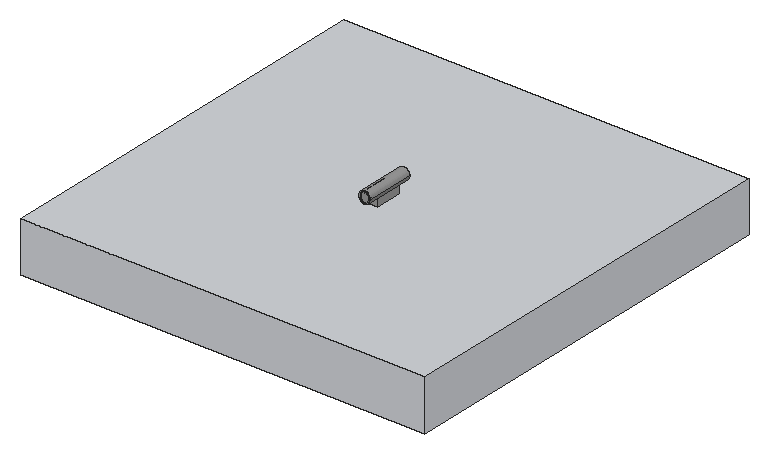
Revit family "LAMP_LUP WALL 70 DIRECT", category Luminarias, Revit 2018 (continued)
Types (2, lengths in mm): name | built-in parameter 1150107 | Product datasheet | Product code | built-in parameter 1150142 | built-in parameter 1150105 | built-in parameter 1150106 | Lumens | built-in parameter 1150104 | Efficacy | Archivo de red fotométrica
  665LM 3000 ASYM BLACK | 3000 (stored number, unit not read) | "http://www.lamp.es/product-files/TECH/LW170DR10AS30NB-EN.pdf" | "LW170DR10AS30NB" | "IESNA:LM-63-2002\r\n[TEST] LW170DR10AS30NB\r\n[TESTLAB] LAMP S.A.U.\r\n[TESTDATE] 13 Nov 2018\r\n[ISSUEDATE] 13 Nov 2018\r\n[MANUFAC] LAMP S.A.U.\r\n[LUMCAT] LW170DR10AS30NB\r\n[LUMINAIRE] LUP WALL Ø70 DIR 1000 WW ASYM BK.\r\n[FLASHAREA] 0.000428\r\n[LAMPCAT] PHILIPS SLM 1203 G6\r\n[LAMP] 1 x 1203 G7 WW a 254mA\r\nTILT=NONE\r\n1 664.90 1.0 91 181 1 2 -0.045 -0.045 0.001\r\n1.00 1.00 10.60\r\n0.00 2.00 4.00 6.00 8.00 10.00 12.00 14.00 16.00 18.00 \r\n20.00 22.00 24.00 26.00 28.00 30.00 32.00 34.00 36.00 \r\n38.00 40.00 42.00 44.00 46.00 48.00 50.00 52.00 54.00 \r\n56.00 58.00 60.00 62.00 64.00 66.00 68.00 70.00 72.00 \r\n74.00 76.00 78.00 80.00 82.00 84.00 86.00 88.00 90.00 \r\n92.00 94.00 96.00 98.00 100.00 102.00 104.00 106.00 \r\n108.00 110.00 112.00 114.00 116.00 118.00 120.00 122.00 \r\n124.00 126.00 128.00 130.00 132.00 134.00 136.00 138.00 \r\n140.00 142.00 144.00 146.00 148.00 150.00 152.00 154.00 \r\n156.00 158.00 160.00 162.00 164.00 166.00 168.00 170.00 \r\n172.00 174.00 176.00 178.00 180.00 \r\n0.00 2.00 4.00 6.00 8.00 10.00 12.00 14.00 16.00 18.00 \r\n20.00 22.00 24.00 26.00 28.00 30.00 32.00 34.00 36.00 \r\n38.00 40.00 42.00 44.00 46.00 48.00 50.00 52.00 54.00 \r\n56.00 58.00 60.00 62.00 64.00 66.00 68.00 70.00 72.00 \r\n74.00 76.00 78.00 80.00 82.00 84.00 86.00 88.00 90.00 \r\n92.00 94.00 96.00 98.00 100.00 102.00 104.00 106.00 \r\n108.00 110.00 112.00 114.00 116.00 118.00 120.00 122.00 \r\n124.00 126.00 128.00 130.00 132.00 134.00 136.00 138.00 \r\n140.00 142.00 144.00 146.00 148.00 150.00 152.00 154.00 \r\n156.00 158.00 160.00 162.00 164.00 166.00 168.00 170.00 \r\n172.00 174.00 176.00 178.00 180.00 182.00 184.00 186.00 \r\n188.00 190.00 192.00 194.00 196.00 198.00 200.00 202.00 \r\n204.00 206.00 208.00 210.00 212.00 214.00 216.00 218.00 \r\n220.00 222.00 224.00 226.00 228.00 230.00 232.00 234.00 \r\n236.00 238.00 240.00 242.00 244.00 246.00 248.00 250.00 \r\n252.00 254.00 256.00 258.00 260.00 262.00 264.00 266.00 \r\n268.00 270.00 272.00 274.00 276.00 278.00 280.00 282.00 \r\n284.00 286.00 288.00 290.00 292.00 294.00 296.00 298.00 \r\n300.00 302.00 304.00 306.00 308.00 310.00 312.00 314.00 \r\n316.00 318.00 320.00 322.00 324.00 326.00 328.00 330.00 \r\n332.00 334.00 336.00 338.00 340.00 342.00 344.00 346.00 \r\n348.00 350.00 352.00 354.00 356.00 358.00 360.00 \r\n455.10 558.15 659.91 774.88 912.34 1056.93 1205.62 \r\n1350.92 1472.92 1566.70 1614.93 1614.83 1562.61 1423.01 \r\n1261.72 1090.69 937.44 808.60 703.40 621.72 548.02 478.63 \r\n382.50 289.97 205.46 135.11 82.65 48.25 40.70 35.84 32.01 \r\n27.63 23.43 19.42 15.06 11.00 7.40 5.06 3.39 2.29 1.60 \r\n1.08 0.70 0.40 0.22 0.00 0.00 0.00 0.00 0.00 0.00 0.00 \r\n0.00 0.00 0.00 0.00 0.00 0.00 0.00 0.00 0.00 0.00 0.00 \r\n0.00 0.00 0.00 0.00 0.00 0.00 0.00 0.00 0.00 0.00 0.00 \r\n0.00 0.00 0.00 0.00 0.00 0.00 0.00 0.00 0.00 0.00 0.00 \r\n0.00 0.00 0.00 0.00 0.00 0.00 \r\n455.10 558.09 659.78 774.68 912.03 1056.54 1205.20 \r\n1350.46 1472.64 1564.09 1609.93 1607.57 1553.15 1413.11 \r\n1252.02 1082.19 930.62 803.30 699.68 618.95 546.01 476.97 \r\n381.18 288.78 204.22 134.20 81.92 47.35 40.14 35.42 31.66 \r\n27.35 23.19 19.22 14.90 10.87 7.33 5.02 3.38 2.28 1.60 \r\n1.08 0.70 0.40 0.22 0.00 0.00 0.00 0.00 0.00 0.00 0.00 \r\n0.00 0.00 0.00 0.00 0.00 0.00 0.00 0.00 0.00 0.00 0.00 \r\n0.00 0.00 0.00 0.00 0.00 0.00 0.00 0.00 0.00 0.00 0.00 \r\n0.00 0.00 0.00 0.00 0.00 0.00 0.00 0.00 0.00 0.00 0.00 \r\n0.00 0.00 0.00 0.00 0.00 0.00 \r\n455.10 557.93 659.40 774.07 911.11 1053.79 1199.02 \r\n1339.28 1455.68 1543.01 1586.28 1582.23 1526.63 1389.10 \r\n1230.93 1065.20 918.04 794.09 693.67 614.43 542.71 474.43 \r\n379.27 287.19 202.46 132.95 80.91 45.77 39.35 34.82 31.17 \r\n26.95 22.85 18.93 14.67 10.71 7.21 4.96 3.36 2.27 1.59 \r\n1.08 0.70 0.41 0.22 0.00 0.00 0.00 0.00 0.00 0.00 0.00 \r\n0.00 0.00 0.00 0.00 0.00 0.00 0.00 0.00 0.00 0.00 0.00 \r\n0.00 0.00 0.00 0.00 0.00 0.00 0.00 0.00 0.00 0.00 0.00 \r\n0.00 0.00 0.00 0.00 0.00 0.00 0.00 0.00 0.00 0.00 0.00 \r\n0.00 0.00 0.00 0.00 0.00 0.00 \r\n455.10 557.66 658.76 772.88 907.83 1047.62 1189.45 \r\n1325.57 1438.29 1521.79 1562.62 1556.62 1499.48 1365.16 \r\n1210.04 1047.93 905.47 784.82 687.47 609.88 539.52 472.29 \r\n377.28 285.45 200.40 131.65 79.86 44.21 38.57 34.22 30.67 \r\n26.54 22.52 18.65 14.44 10.54 7.07 4.91 3.33 2.27 1.59 \r\n1.08 0.70 0.41 0.22 0.00 0.00 0.00 0.00 0.00 0.00 0.00 \r\n0.00 0.00 0.00 0.00 0.00 0.00 0.00 0.00 0.00 0.00 0.00 \r\n0.00 0.00 0.00 0.00 0.00 0.00 0.00 0.00 0.00 0.00 0.00 \r\n0.00 0.00 0.00 0.00 0.00 0.00 0.00 0.00 0.00 0.00 0.00 \r\n0.00 0.00 0.00 0.00 0.00 0.00 \r\n455.10 557.27 657.87 770.79 903.91 1040.81 1179.22 \r\n1312.01 1421.27 1500.65 1539.06 1531.23 1472.75 1340.91 \r\n1189.23 1030.20 892.85 775.59 681.06 605.39 536.15 470.82 \r\n375.29 283.60 197.97 130.43 78.87 44.48 37.77 33.61 30.19 \r\n26.13 22.17 18.38 14.21 10.37 6.92 4.85 3.30 2.26 1.59 \r\n1.07 0.69 0.41 0.23 0.00 0.00 0.00 0.00 0.00 0.00 0.00 \r\n0.00 0.00 0.00 0.00 0.00 0.00 0.00 0.00 0.00 0.00 0.00 \r\n0.00 0.00 0.00 0.00 0.00 0.00 0.00 0.00 0.00 0.00 0.00 \r\n0.00 0.00 0.00 0.00 0.00 0.00 0.00 0.00 0.00 0.00 0.00 \r\n0.00 0.00 0.00 0.00 0.00 0.00 \r\n455.10 556.79 656.06 768.26 899.46 1033.40 1169.70 \r\n1298.52 1403.94 1479.79 1515.38 1506.00 1447.17 1316.58 \r\n1168.36 1013.45 880.14 766.47 674.08 600.73 533.09 467.67 \r\n373.14 281.85 196.82 129.17 77.79 44.43 37.00 33.01 29.73 \r\n25.73 21.83 18.07 13.99 10.21 6.76 4.79 3.28 2.26 1.58 \r\n1.07 0.69 0.41 0.23 0.00 0.00 0.00 0.00 0.00 0.00 0.00 \r\n0.00 0.00 0.00 0.00 0.00 0.00 0.00 0.00 0.00 0.00 0.00 \r\n0.00 0.00 0.00 0.00 0.00 0.00 0.00 0.00 0.00 0.00 0.00 \r\n0.00 0.00 0.00 0.00 0.00 0.00 0.00 0.00 0.00 0.00 0.00 \r\n0.00 0.00 0.00 0.00 0.00 0.00 \r\n455.10 556.19 653.94 765.28 894.50 1025.45 1159.55 \r\n1283.86 1386.88 1459.50 1491.79 1480.38 1423.39 1292.28 \r\n1147.40 998.04 867.30 757.28 666.18 596.41 529.99 464.19 \r\n371.31 280.28 195.52 127.78 76.71 43.35 36.22 32.41 29.31 \r\n25.33 21.49 17.76 13.75 10.03 6.72 4.73 3.25 2.26 1.58 \r\n1.07 0.69 0.41 0.23 0.00 0.00 0.00 0.00 0.00 0.00 0.00 \r\n0.00 0.00 0.00 0.00 0.00 0.00 0.00 0.00 0.00 0.00 0.00 \r\n0.00 0.00 0.00 0.00 0.00 0.00 0.00 0.00 0.00 0.00 0.00 \r\n0.00 0.00 0.00 0.00 0.00 0.00 0.00 0.00 0.00 0.00 0.00 \r\n0.00 0.00 0.00 0.00 0.00 0.00 \r\n455.10 555.48 651.59 761.82 887.26 1016.73 1147.23 \r\n1266.02 1369.66 1435.14 1468.26 1451.42 1401.89 1266.21 \r\n1126.22 981.35 854.48 747.99 660.83 592.01 526.71 462.51 \r\n369.39 278.53 192.91 126.54 75.70 40.33 35.43 31.81 28.74 \r\n24.93 21.15 17.46 13.51 9.86 6.67 4.67 3.23 2.25 1.57 \r\n1.07 0.68 0.41 0.23 0.00 0.00 0.00 0.00 0.00 0.00 0.00 \r\n0.00 0.00 0.00 0.00 0.00 0.00 0.00 0.00 0.00 0.00 0.00 \r\n0.00 0.00 0.00 0.00 0.00 0.00 0.00 0.00 0.00 0.00 0.00 \r\n0.00 0.00 0.00 0.00 0.00 0.00 0.00 0.00 0.00 0.00 0.00 \r\n0.00 0.00 0.00 0.00 0.00 0.00 \r\n455.10 554.67 649.03 757.90 879.08 1007.22 1127.44 \r\n1246.76 1337.16 1408.95 1427.95 1416.17 1358.94 1232.39 \r\n1093.98 956.20 835.57 733.02 650.37 583.65 520.28 456.54 \r\n364.21 274.39 189.65 123.44 73.56 40.86 34.61 31.17 28.16 \r\n24.43 20.71 17.06 13.18 9.62 6.56 4.60 3.20 2.24 1.57 \r\n1.06 0.67 0.40 0.23 0.00 0.00 0.00 0.00 0.00 0.00 0.00 \r\n0.00 0.00 0.00 0.00 0.00 0.00 0.00 0.00 0.00 0.00 0.00 \r\n0.00 0.00 0.00 0.00 0.00 0.00 0.00 0.00 0.00 0.00 0.00 \r\n0.00 0.00 0.00 0.00 0.00 0.00 0.00 0.00 0.00 0.00 0.00 \r\n0.00 0.00 0.00 0.00 0.00 0.00 \r\n455.10 553.54 646.26 752.30 870.31 992.50 1106.84 1216.77 \r\n1302.08 1364.62 1381.48 1363.66 1305.76 1185.07 1054.64 \r\n922.86 809.81 713.51 633.64 571.85 510.61 447.41 356.29 \r\n267.19 183.01 118.37 70.22 39.70 33.78 30.48 27.58 23.83 \r\n20.16 16.58 12.77 9.32 6.38 4.51 3.15 2.21 1.56 1.05 0.67 \r\n0.40 0.23 0.00 0.00 0.00 0.00 0.00 0.00 0.00 0.00 0.00 \r\n0.00 0.00 0.00 0.00 0.00 0.00 0.00 0.00 0.00 0.00 0.00 \r\n0.00 0.00 0.00 0.00 0.00 0.00 0.00 0.00 0.00 0.00 0.00 \r\n0.00 0.00 0.00 0.00 0.00 0.00 0.00 0.00 0.00 0.00 0.00 \r\n0.00 0.00 0.00 0.00 \r\n455.10 552.20 643.29 745.86 860.93 976.21 1084.66 1184.89 \r\n1263.51 1317.42 1331.44 1311.27 1253.01 1137.86 1014.03 \r\n891.20 784.10 693.54 619.25 559.91 500.80 438.99 348.11 \r\n259.96 177.40 113.45 67.00 37.72 32.94 29.79 26.93 23.24 \r\n19.60 16.06 12.36 9.01 6.15 4.41 3.12 2.18 1.55 1.05 0.66 \r\n0.39 0.23 0.00 0.00 0.00 0.00 0.00 0.00 0.00 0.00 0.00 \r\n0.00 0.00 0.00 0.00 0.00 0.00 0.00 0.00 0.00 0.00 0.00 \r\n0.00 0.00 0.00 0.00 0.00 0.00 0.00 0.00 0.00 0.00 0.00 \r\n0.00 0.00 0.00 0.00 0.00 0.00 0.00 0.00 0.00 0.00 0.00 \r\n0.00 0.00 0.00 0.00 \r\n455.10 550.75 640.13 739.12 850.80 959.87 1061.13 1152.90 \r\n1224.22 1270.80 1281.51 1258.88 1204.99 1090.87 973.54 \r\n858.12 758.39 673.63 603.32 548.02 491.20 430.01 340.09 \r\n252.85 170.48 108.42 63.65 37.25 32.11 29.11 26.27 22.65 \r\n19.05 15.54 11.93 8.71 5.90 4.33 3.08 2.15 1.54 1.04 0.66 \r\n0.39 0.22 0.00 0.00 0.00 0.00 0.00 0.00 0.00 0.00 0.00 \r\n0.00 0.00 0.00 0.00 0.00 0.00 0.00 0.00 0.00 0.00 0.00 \r\n0.00 0.00 0.00 0.00 0.00 0.00 0.00 0.00 0.00 0.00 0.00 \r\n0.00 0.00 0.00 0.00 0.00 0.00 0.00 0.00 0.00 0.00 0.00 \r\n0.00 0.00 0.00 0.00 \r\n455.10 549.21 636.79 732.09 840.24 943.43 1037.87 1121.04 \r\n1185.10 1226.14 1231.67 1206.77 1151.82 1043.60 932.82 \r\n824.69 732.76 653.74 588.16 536.15 481.43 420.77 332.04 \r\n245.59 164.66 103.39 60.37 35.79 31.27 28.42 25.70 22.06 \r\n18.49 15.03 11.51 8.39 5.81 4.23 3.05 2.15 1.53 1.03 0.65 \r\n0.39 0.22 0.00 0.00 0.00 0.00 0.00 0.00 0.00 0.00 0.00 \r\n0.00 0.00 0.00 0.00 0.00 0.00 0.00 0.00 0.00 0.00 0.00 \r\n0.00 0.00 0.00 0.00 0.00 0.00 0.00 0.00 0.00 0.00 0.00 \r\n0.00 0.00 0.00 0.00 0.00 0.00 0.00 0.00 0.00 0.00 0.00 \r\n0.00 0.00 0.00 0.00 \r\n455.10 547.56 633.09 724.78 829.31 926.65 1014.41 1089.33 \r\n1145.99 1183.18 1181.74 1154.17 1097.40 996.16 891.97 \r\n792.60 706.94 633.83 572.50 524.25 471.73 413.14 323.86 \r\n238.31 158.84 98.45 57.10 33.75 30.44 27.74 25.01 21.47 \r\n17.94 14.52 11.10 8.09 5.65 4.14 3.00 2.14 1.51 1.02 0.65 \r\n0.38 0.22 0.00 0.00 0.00 0.00 0.00 0.00 0.00 0.00 0.00 \r\n0.00 0.00 0.00 0.00 0.00 0.00 0.00 0.00 0.00 0.00 0.00 \r\n0.00 0.00 0.00 0.00 0.00 0.00 0.00 0.00 0.00 0.00 0.00 \r\n0.00 0.00 0.00 0.00 0.00 0.00 0.00 0.00 0.00 0.00 0.00 \r\n0.00 0.00 0.00 0.00 \r\n455.10 545.80 628.79 717.22 818.04 909.79 990.10 1057.35 \r\n1107.16 1138.36 1131.69 1101.54 1048.07 949.11 851.45 \r\n758.54 681.35 613.92 557.32 512.32 462.06 403.57 315.79 \r\n231.20 152.69 93.52 53.76 33.56 29.60 27.05 24.41 20.87 \r\n17.38 14.01 10.67 7.78 5.39 4.05 2.97 2.13 1.50 1.01 0.64 \r\n0.37 0.22 0.00 0.00 0.00 0.00 0.00 0.00 0.00 0.00 0.00 \r\n0.00 0.00 0.00 0.00 0.00 0.00 0.00 0.00 0.00 0.00 0.00 \r\n0.00 0.00 0.00 0.00 0.00 0.00 0.00 0.00 0.00 0.00 0.00 \r\n0.00 0.00 0.00 0.00 0.00 0.00 0.00 0.00 0.00 0.00 0.00 \r\n0.00 0.00 0.00 0.00 \r\n455.10 543.95 624.32 709.06 806.34 892.92 965.80 1025.61 \r\n1068.62 1092.09 1083.95 1052.58 997.48 904.15 812.52 \r\n727.89 656.23 594.67 541.91 500.40 452.13 394.01 307.52 \r\n223.86 146.39 88.63 50.62 32.48 28.81 26.40 23.80 20.28 \r\n16.83 13.50 10.26 7.48 5.26 3.96 2.93 2.10 1.50 1.00 0.63 \r\n0.37 0.22 0.00 0.00 0.00 0.00 0.00 0.00 0.00 0.00 0.00 \r\n0.00 0.00 0.00 0.00 0.00 0.00 0.00 0.00 0.00 0.00 0.00 \r\n0.00 0.00 0.00 0.00 0.00 0.00 0.00 0.00 0.00 0.00 0.00 \r\n0.00 0.00 0.00 0.00 0.00 0.00 0.00 0.00 0.00 0.00 0.00 \r\n0.00 0.00 0.00 0.00 \r\n455.10 541.93 619.70 700.74 793.12 874.62 941.26 994.13 \r\n1030.79 1049.72 1038.55 1005.96 952.43 865.50 780.21 \r\n701.24 635.31 578.05 529.19 489.03 441.31 383.56 297.47 \r\n215.09 139.59 84.50 48.61 31.85 28.43 25.95 23.23 19.72 \r\n16.28 13.00 9.89 7.25 5.16 3.89 2.90 2.07 1.48 0.99 0.62 \r\n0.37 0.22 0.00 0.00 0.00 0.00 0.00 0.00 0.00 0.00 0.00 \r\n0.00 0.00 0.00 0.00 0.00 0.00 0.00 0.00 0.00 0.00 0.00 \r\n0.00 0.00 0.00 0.00 0.00 0.00 0.00 0.00 0.00 0.00 0.00 \r\n0.00 0.00 0.00 0.00 0.00 0.00 0.00 0.00 0.00 0.00 0.00 \r\n0.00 0.00 0.00 0.00 \r\n455.10 539.76 614.92 692.48 779.62 855.42 916.52 962.83 \r\n993.86 1009.40 994.94 962.74 913.94 828.54 748.80 676.49 \r\n614.80 561.98 516.73 477.64 430.35 372.59 287.23 206.23 \r\n132.79 80.45 46.75 31.42 28.10 25.53 22.72 19.15 15.72 \r\n12.50 9.52 7.01 4.99 3.83 2.86 2.07 1.46 0.98 0.60 0.36 \r\n0.21 0.00 0.00 0.00 0.00 0.00 0.00 0.00 0.00 0.00 0.00 \r\n0.00 0.00 0.00 0.00 0.00 0.00 0.00 0.00 0.00 0.00 0.00 \r\n0.00 0.00 0.00 0.00 0.00 0.00 0.00 0.00 0.00 0.00 0.00 \r\n0.00 0.00 0.00 0.00 0.00 0.00 0.00 0.00 0.00 0.00 0.00 \r\n0.00 0.00 0.00 \r\n455.10 537.50 609.98 684.01 765.85 836.22 892.48 931.66 \r\n957.02 966.65 951.58 919.67 869.80 792.08 718.00 651.25 \r\n594.67 546.02 504.11 466.25 419.41 362.57 276.88 197.24 \r\n125.96 76.43 44.90 31.11 27.77 25.11 22.22 18.59 15.17 \r\n11.98 9.15 6.78 4.94 3.77 2.83 2.05 1.45 0.97 0.59 0.35 \r\n0.21 0.00 0.00 0.00 0.00 0.00 0.00 0.00 0.00 0.00 0.00 \r\n0.00 0.00 0.00 0.00 0.00 0.00 0.00 0.00 0.00 0.00 0.00 \r\n0.00 0.00 0.00 0.00 0.00 0.00 0.00 0.00 0.00 0.00 0.00 \r\n0.00 0.00 0.00 0.00 0.00 0.00 0.00 0.00 0.00 0.00 0.00 \r\n0.00 0.00 0.00 \r\n455.10 535.14 604.90 675.34 751.83 817.04 868.02 900.32 \r\n920.03 925.08 908.41 875.67 829.96 755.69 686.49 626.01 \r\n574.57 530.08 491.68 454.85 408.46 351.34 266.61 188.40 \r\n118.77 72.34 43.07 30.71 27.44 24.70 21.70 18.04 14.62 \r\n11.51 8.79 6.54 4.77 3.70 2.79 2.02 1.44 0.96 0.59 0.35 \r\n0.20 0.00 0.00 0.00 0.00 0.00 0.00 0.00 0.00 0.00 0.00 \r\n0.00 0.00 0.00 0.00 0.00 0.00 0.00 0.00 0.00 0.00 0.00 \r\n0.00 0.00 0.00 0.00 0.00 0.00 0.00 0.00 0.00 0.00 0.00 \r\n0.00 0.00 0.00 0.00 0.00 0.00 0.00 0.00 0.00 0.00 0.00 \r\n0.00 0.00 0.00 \r\n455.10 532.67 599.70 666.48 738.05 797.64 842.04 868.98 \r\n882.99 885.26 864.73 833.36 786.64 719.03 656.03 600.33 \r\n554.19 513.92 479.22 443.44 397.49 339.90 256.34 179.45 \r\n111.71 68.28 41.20 30.08 27.11 24.28 21.17 17.48 14.06 \r\n11.02 8.43 6.32 4.69 3.64 2.77 2.01 1.42 0.95 0.59 0.34 \r\n0.20 0.00 0.00 0.00 0.00 0.00 0.00 0.00 0.00 0.00 0.00 \r\n0.00 0.00 0.00 0.00 0.00 0.00 0.00 0.00 0.00 0.00 0.00 \r\n0.00 0.00 0.00 0.00 0.00 0.00 0.00 0.00 0.00 0.00 0.00 \r\n0.00 0.00 0.00 0.00 0.00 0.00 0.00 0.00 0.00 0.00 0.00 \r\n0.00 0.00 0.00 \r\n455.10 530.13 594.36 657.44 724.19 778.12 817.19 837.90 \r\n846.14 842.15 821.95 788.84 746.43 682.20 624.76 575.38 \r\n533.95 497.81 466.69 432.03 386.51 328.85 246.00 170.50 \r\n105.47 64.24 39.34 29.90 26.78 23.86 20.63 16.92 13.51 \r\n10.52 8.06 6.08 4.58 3.58 2.73 1.99 1.41 0.94 0.58 0.33 \r\n0.20 0.00 0.00 0.00 0.00 0.00 0.00 0.00 0.00 0.00 0.00 \r\n0.00 0.00 0.00 0.00 0.00 0.00 0.00 0.00 0.00 0.00 0.00 \r\n0.00 0.00 0.00 0.00 0.00 0.00 0.00 0.00 0.00 0.00 0.00 \r\n0.00 0.00 0.00 0.00 0.00 0.00 0.00 0.00 0.00 0.00 0.00 \r\n0.00 0.00 0.00 \r\n455.10 527.48 588.90 648.16 710.22 759.03 793.53 807.98 \r\n810.82 801.07 779.17 746.70 703.64 646.44 593.20 550.34 \r\n513.82 481.87 454.20 420.63 375.53 317.91 235.62 161.66 \r\n98.50 60.13 37.44 29.33 26.45 23.44 20.11 16.36 12.96 \r\n10.02 7.70 5.85 4.44 3.52 2.70 1.97 1.40 0.93 0.57 0.33 \r\n0.19 0.00 0.00 0.00 0.00 0.00 0.00 0.00 0.00 0.00 0.00 \r\n0.00 0.00 0.00 0.00 0.00 0.00 0.00 0.00 0.00 0.00 0.00 \r\n0.00 0.00 0.00 0.00 0.00 0.00 0.00 0.00 0.00 0.00 0.00 \r\n0.00 0.00 0.00 0.00 0.00 0.00 0.00 0.00 0.00 0.00 0.00 \r\n0.00 0.00 0.00 \r\n455.10 524.76 583.45 638.77 696.16 740.43 770.85 781.40 \r\n780.48 768.24 745.83 712.42 673.11 618.14 570.86 531.26 \r\n498.14 469.38 443.46 409.64 364.05 305.97 224.70 152.44 \r\n92.05 56.71 36.04 28.88 25.97 22.90 19.49 15.76 12.43 \r\n9.59 7.40 5.67 4.35 3.46 2.66 1.95 1.38 0.92 0.56 0.32 \r\n0.19 0.00 0.00 0.00 0.00 0.00 0.00 0.00 0.00 0.00 0.00 \r\n0.00 0.00 0.00 0.00 0.00 0.00 0.00 0.00 0.00 0.00 0.00 \r\n0.00 0.00 0.00 0.00 0.00 0.00 0.00 0.00 0.00 0.00 0.00 \r\n0.00 0.00 0.00 0.00 0.00 0.00 0.00 0.00 0.00 0.00 0.00 \r\n0.00 0.00 0.00 \r\n455.10 521.95 577.76 629.27 682.03 722.34 749.07 757.89 \r\n755.79 743.46 719.99 689.92 650.89 600.45 555.50 518.42 \r\n487.66 460.12 434.47 399.05 352.08 293.02 213.06 142.90 \r\n85.81 53.78 35.06 28.47 25.35 22.22 18.79 15.14 11.92 \r\n9.24 7.18 5.54 4.29 3.40 2.62 1.92 1.36 0.91 0.56 0.32 \r\n0.19 0.00 0.00 0.00 0.00 0.00 0.00 0.00 0.00 0.00 0.00 \r\n0.00 0.00 0.00 0.00 0.00 0.00 0.00 0.00 0.00 0.00 0.00 \r\n0.00 0.00 0.00 0.00 0.00 0.00 0.00 0.00 0.00 0.00 0.00 \r\n0.00 0.00 0.0
